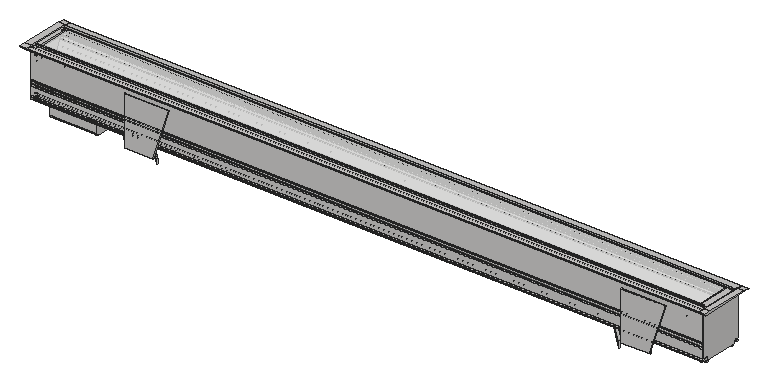
Revit family "CLighting-Luminii-Vesta_2-Recessed_Trimmed", category Lighting Fixtures, host Face, Revit 2020
Family settings
  Host = Face
  Round Connector Dimension = Use Diameter
  Part Type = Normal
  OmniClass Number = 23.80.70.11.14.21
  OmniClass Title = Spots and Tracklight Specialties
  Cut with Voids When Loaded = No
  Light Source = Yes
  Shared = Yes
  Room Calculation Point = No
Parameters (values of type "Vesta 2 - 4'")
  Width = 3.8189"  # constant formula
  Wattage Comments = "3.8 W"
  Wattage = 3.8 W
  Warranty URL = "https://www.luminii.com/terms-conditions/"
  built-in parameter 1150110 = 1 (stored number, unit not read)
  Voltage Comments = "120/277/347V"  # constant formula
  Voltage = 120 V
  Version = "2020 - v1.0a"  # constant formula
  URL = "https://www.luminii.com/"
  built-in parameter 1114217 = 1 (stored number, unit not read)
  Tilt Angle = -90.00°  # constant formula
  built-in parameter 1150109 = 1 (stored number, unit not read)
  built-in parameter 1150134 = (empty or 0)
  built-in parameter 1150113 = 1 (stored number, unit not read)
  Support Phone = "224-699-9545"  # constant formula
  Support Email = "mailto:support@bimsmith.com"
  Right Junction Box [instance] = not(Left Junction Box)  # no
  Right Cap [instance] = yes
  Product Page URL = "https://www.luminii.com/product/vesta-2/"
  Power Source Type = "Driver"  # constant formula
  Power Factor = 1
  Photometric Web File = "357-90-4-35-25-XX-04.ies"
  Phase = 1
  Operating Temperature = "Ceiling Mounted"  # constant formula
  Number of Poles = if(and(or(Voltage = 120 V, Voltage = 277 V), Phase = 1), 1, if(and(or(Voltage = 208 V, Voltage = 240 V), Phase = 1), 2, if(and(or(Voltage = 208 V, Voltage = 240 V), Phase = 3), 3, if(and(Voltage > 300 V, Phase = 1), 2, if(and(Voltage > 400 V, Phase = 3), 3, 1)))))  # 1
  Mounting Method = "Consult Manufacturer Website for more Information"  # constant formula
  Model = "357"  # constant formula
  Manufacturer Phone Number = "403-216-7043"  # constant formula
  Manufacturer Email = "mailto: info@sensolighting.com"
  Manufacturer Address = "302 50 Ave SE. Calgary, Alberta, T2G 2A9 Canada"  # constant formula
  Manufacturer = "Luminii"  # constant formula
  built-in parameter 1150105 = 51.407 (stored number, unit not read)
  Lumens = 646 lm
  Luminaire Type = "Recessed linear LED system"  # constant formula
  built-in parameter 1150115 = 1 (stored number, unit not read)
  Load Classification = Lighting
  built-in parameter 1150137 = (empty or 0)
  built-in parameter 1150139 = (empty or 0)
  Length = if(Constraints = 1, 24", if(Constraints = 2, 48", if(Constraints = 3, 60", if(Constraints = 4, 72", if(Constraints = 5, 96", if(Constraints = 6, 120", if(Constraints = 7, 144", 24")))))))  # 48"
  Left Junction Box [instance] = yes
  Left Cap [instance] = yes
  built-in parameter 1150112 = 1 (stored number, unit not read)
  built-in parameter 1150114 = 1 (stored number, unit not read)
  Lamp Life = 1
  Lamp = "N/A"  # constant formula
  Keynote = "26 50 00"
  built-in parameter 1150132 = (empty or 0)
  built-in parameter 1150102 = (empty or 0)
  built-in parameter 1150107 = 3500 (stored number, unit not read)
  built-in parameter 1150138 = (empty or 0)
  built-in parameter 1150106 = 0.51407 (stored number, unit not read)
  Housing Protection Rating = "Consult Manufacturer Website for more Information"  # constant formula
  Has Dimming = 1 = 1  # yes
  Has Battery Backup = 1 = 1  # yes
  Frequency Comments = ""  # constant formula
  Frequency = 60 Hz
  Finish = Metal - Luminii - Silver Anodized Aluminum
  Environment = "Indoor"  # constant formula
  Emit from Rectangle Width = 2 51/128"  # constant formula
  Emit from Rectangle Length = Length  # 48"
  Emit Shape Visible in Rendering = no
  built-in parameter 1150104 = 15.794 (stored number, unit not read)
  Dimming Type = "Consult Manufacturer Website for more Information"  # constant formula
  Dimming Lamp Color Temperature Shift = <None>
  Description = "Recessed flanged linear"  # constant formula
  Depth = 3.54331"  # constant formula
  Default Elevation = 0"  # constant formula
  Current Amps = 50 A
  Copyright = "©2023 Luminii"  # constant formula
  Control Zone = "Consult Manufacturer Website for more Information"  # constant formula
  Control Type = "Consult Manufacturer Website for more Information"  # constant formula
  Constraints = 2
  Color Filter = 16777215
  built-in parameter 1114216 [instance] = 0  # (empty or 0)
  built-in parameter 1140040 [instance] = 1 = 1  # 1
  C Void Width = 3.08819"  # constant formula
  C Right Cap Offset [instance] = if(Right Cap, 0.3752", 0")  # 0.3752"
  C Length Mid = Length / 2  # 24"
  C Left Cap Offset [instance] = if(Left Cap, 0.3752", 0")  # 0.3752"
  C End Cap Right [instance] = if(Right Cap, 0.04764", 0")  # 0.04764"
  C End Cap Left [instance] = if(Left Cap, 0.04764", 0")  # 0.04764"
  built-in parameter 1114218 = 1 (stored number, unit not read)
  built-in parameter 1150133 = 10 (stored number, unit not read)
  Assembly Code = "D5020230"
  Apparent Load = Wattage / Power Factor  # 3.8 VA
Types (6): name | Photometric Web File | Length | Emit from Rectangle Length | Constraints | C Length Mid
  Vesta 2 - 2' | "357-90-2-RGBW-00-00-00 (White channel only).ies" | 24" | 24" | 1 | 12"
  Vesta 2 - 4' | "357-90-4-35-25-XX-04.ies" | 48" | 48" | 2 | 24"
  Vesta 2 - 6' | "357-90-4-35-25-XX-06.ies" | 72" | 72" | 4 | 36"
  Vesta 2 - 8' | "357-90-4-35-25-XX-08.ies" | 96" | 96" | 5 | 48"
  Vesta 2 - 10' | "357-90-4-35-25-XX-10.ies" | 120" | 120" | 6 | 60"
  Vesta 2 - 12' | "357-90-4-35-25-XX-12.ies" | 144" | 144" | 7 | 72"
Reference planes (in)
  plane 1 "Center (Front/Back)": y = 0
  plane 2: z = 0
  plane 3 "Center (Left/Right)": x = 0
  plane 4: x = -24
  plane 5: x = 24
  plane 6: y = 1.54409
  plane 7: y = -1.54409
  plane 8 "A": z = 0
  plane 9: x = -24.04764
  plane 10: x = 24.04764
Forms (in)
  Extrusion 1, solid, material "Metal - Luminii - Silver Anodized Aluminum", not visible
    sketch origin (0, 0, 0) x (1, 0, 0) y (0, 1, 0)
      loop
        circle (0, 0) r 0.5
    from 0 to -0.17225
  Extrusion 2, void
    sketch origin (0, 0, 0) x (1, 0, 0) y (0, 1, 0)
      loop
        line (-24.04764, 1.54409) -> (-24.04764, -1.54409) -> (24.04764, -1.54409) -> (24.04764, 1.54409) -> (-24.04764, 1.54409)
    from -3.44094 to 0
Dimensions and locks (in)
  equal spacing: plane 4, plane 3 "Center (Left/Right)", plane 5
  equal spacing: plane 6, plane 1 "Center (Front/Back)", plane 7
  "C Void Width": plane 6 to plane 7
  "C End Cap Right": plane 5 to plane 10
  "C End Cap Left": plane 9 to plane 4
  "C Length Mid": plane 4 to plane 3 "Center (Left/Right)"
  "C Length Mid": plane 3 "Center (Left/Right)" to plane 5
  locked: imposter light to plane 2 at 0.08268
  locked: plane 2 to Extrusion 2 at 3.44094
  aligned and locked: host face to plane 2
  aligned and locked: plane 3 "Center (Left/Right)" to Extrusion 1 sketch curve
  aligned and locked: plane 1 "Center (Front/Back)" to Extrusion 1 sketch curve
  aligned and locked: plane 2 to Extrusion 1  (x2)
  aligned and locked: nested 1 to plane 4
  aligned and locked: plane 1 "Center (Front/Back)" to nested 1
  aligned and locked: imposter light to plane 1 "Center (Front/Back)"
  aligned and locked: plane 3 "Center (Left/Right)" to imposter light
  aligned and locked: Extrusion 2 sketch curve to plane 6
  aligned and locked: plane 2 to Extrusion 2
  aligned and locked: Extrusion 2 to plane 7
  aligned and locked: Extrusion 2 sketch curve to plane 9
  aligned and locked: Extrusion 2 sketch curve to plane 10
Automatic sketch dimensions
  host sketch curve to host sketch curve = 193.24349"
  host sketch curve to host sketch curve = 99"
  plane 7 to Extrusion 2 sketch curve = 0"
  radius of Extrusion 1 sketch curve = 1/2"
Nested families (in)
  nested 1: "Nested - Track" at (0, 0, 0), type "Nested - Track"
    with Length 48"
Connectors (in)
  electrical at (0, 0, 0), driven by "Number of Poles", driven by "Load Classification", driven by "Voltage", driven by "Apparent Load", driven by "Power Factor"
    settings: on Extrusion 1, index 1, voltage 120 V, apparent load 3.8 VA, apparent load phase1 0 VA, apparent load phase2 0 VA, apparent load phase3 0 VA, power factor 1, load classification "Lighting", number of poles 1, system type 30, power factor state 1, is connector primary yes, connector utility no, sub classification motor no, connector description "Power Connection"
Definition of nested family "Nested - Track"
  Parameters (values of type "Nested - Track")
    Slot Bracket Height Option 1 = no
    Slot Bracket Height = if(Slot Bracket Height Option 1, 1.60748", 1.42244")  # 1.42244"
    Right Junction Box = no
    Right Cap = yes
    Light = none
    Length = 46 1/2"
    Left Junction Box = yes
    Left Cap = yes
    Finish = none
    Default Elevation = 48"
  Reference planes (in)
    plane 1 "Center (Front/Back)": y = 0
    plane 2: z = 0
    plane 3 "Center (Left/Right)": x = 0
    plane 4: x = -23.25
    plane 5: x = 23.25
  Forms (in)
    Extrusion 1, solid
      sketch origin (0, 0, 0) x (1, 0, 0) y (0, 1, 0)
        loop
          line (-48, 48) -> (-48, -48) -> (48, -48) -> (48, 48) -> (-48, 48)
      from 0 to -12
    Sweep 2, solid, material <- "Finish", detail levels fine
      path origin (0, 0, 0) x (1, 0, 0) y (0, 1, 0)
        loop
          line (-23.25, 0) -> (23.25, 0)
      profile origin (0, 0, 0) x (0, 1, 0) y (0, 0, 1)
        loop
          line (1.39452, -0.17717) -> (1.43051, -0.21316)
          arc (1.43051, -0.21316) -> (1.44758, -0.2387) -> (1.45357, -0.26884) r 0.07874
          line (1.45357, -0.26884) -> (1.45357, -0.31491)
          arc (1.45357, -0.31491) -> (1.32562, -0.44286) -> (1.19767, -0.31491) r 0.12795
          line (1.19767, -0.31491) -> (1.19767, -0.26884)
          arc (1.19767, -0.26884) -> (1.20366, -0.2387) -> (1.22073, -0.21316) r 0.07874
          line (1.22073, -0.21316) -> (1.25672, -0.17717) -> (1.25672, 0.09843) -> (1.19767, 0.09843) -> (1.19767, 0.02362)
          arc (1.19767, 0.02362) -> (1.1919, 0.0097) -> (1.17798, 0.00394) r 0.01969
          line (1.17798, 0.00394) -> (1.10121, 0.00394) -> (1.05973, -0.03754) -> (1.07365, -0.09449) -> (1.14648, -0.09449)
          arc (1.14648, -0.09449) -> (1.1604, -0.10025) -> (1.16617, -0.11417) r 0.01969
          line (1.16617, -0.11417) -> (1.16617, -0.18957) -> (1.07115, -0.403) -> (1.12114, -0.45299)
          arc (1.12114, -0.45299) -> (1.20285, -0.52859) -> (1.09383, -0.55112) r 0.0626
          arc (1.09383, -0.55112) -> (1.03847, -0.54521) -> (1.03255, -0.60057) r 0.03937
          arc (1.03255, -0.60057) -> (1.05641, -0.62387) -> (1.08506, -0.64093) r 0.14134
          line (1.08506, -0.64093) -> (1.1289, -0.66045)
          arc (1.1289, -0.66045) -> (1.15399, -0.7258) -> (1.08864, -0.75088) r 0.04949
          line (1.08864, -0.75088) -> (0.96276, -0.69483)
          arc (0.96276, -0.69483) -> (0.9477, -0.69444) -> (0.93677, -0.70481) r 0.01969
          line (0.93677, -0.70481) -> (0.90794, -0.76955) -> (1.12371, -0.86561)
          arc (1.12371, -0.86561) -> (1.15546, -0.94831) -> (1.07276, -0.98006) r 0.06264
          line (1.07276, -0.98006) -> (0.85699, -0.88399) -> (0.80415, -1.00268) -> (0.87608, -1.03471) -> (0.92806, -1.01476) -> (1.03596, -1.0628)
          arc (1.03596, -1.0628) -> (1.17425, -1.05587) -> (1.25046, -0.94026) r 0.15319
          line (1.25046, -0.94026) -> (1.28422, -0.64513)
          arc (1.28422, -0.64513) -> (1.29713, -0.62023) -> (1.32334, -0.61024) r 0.03937
          line (1.32334, -0.61024) -> (1.4142, -0.61024)
          arc (1.4142, -0.61024) -> (1.44204, -0.62177) -> (1.45357, -0.64961) r 0.03937
          line (1.45357, -0.64961) -> (1.45357, -1.27503) -> (1.42601, -1.33521) -> (1.42601, -1.46007) -> (1.45357, -1.52024) -> (1.45357, -1.77165)
          arc (1.45357, -1.77165) -> (1.44204, -1.79949) -> (1.4142, -1.81102) r 0.03937
          line (1.4142, -1.81102) -> (1.32125, -1.81102)
          arc (1.32125, -1.81102) -> (1.29595, -1.80181) -> (1.28248, -1.77849) r 0.03937
          line (1.28248, -1.77849) -> (1.26253, -1.66535) -> (1.18379, -1.66535) -> (1.18379, -1.90157) -> (1.45357, -1.90157) -> (1.45357, -2.05848) -> (1.31184, -2.14031)
          arc (1.31184, -2.14031) -> (1.27149, -2.18066) -> (1.25672, -2.23577) r 0.11024
          line (1.25672, -2.23577) -> (1.25672, -2.4659)
          arc (1.25672, -2.4659) -> (1.30248, -2.55532) -> (1.40177, -2.5705) r 0.11024
          arc (1.40177, -2.5705) -> (1.43723, -2.57592) -> (1.45357, -2.60786) r 0.03937
          line (1.45357, -2.60786) -> (1.45357, -2.74016)
          arc (1.45357, -2.74016) -> (1.44204, -2.768) -> (1.4142, -2.77953) r 0.03937
          line (1.4142, -2.77953) -> (1.29609, -2.77953)
          arc (1.29609, -2.77953) -> (1.26624, -2.79323) -> (1.25717, -2.8248) r 0.03937
          arc (1.25717, -2.8248) -> (1.26624, -2.85637) -> (1.29609, -2.87008) r 0.03937
          line (1.29609, -2.87008) -> (1.4142, -2.87008)
          arc (1.4142, -2.87008) -> (1.44204, -2.88161) -> (1.45357, -2.90945) r 0.03937
          line (1.45357, -2.90945) -> (1.45357, -2.94882)
          arc (1.45357, -2.94882) -> (1.44203, -2.97667) -> (1.41416, -2.98819) r 0.03937
          line (1.41416, -2.98819) -> (0.35121, -2.98819)
          arc (0.35121, -2.98819) -> (0.33729, -2.99395) -> (0.33152, -3.00787) r 0.01969
          line (0.33152, -3.00787) -> (0.33152, -3.21654)
          arc (0.33152, -3.21654) -> (0.32576, -3.23046) -> (0.31184, -3.23622) r 0.01969
          line (0.31184, -3.23622) -> (0.25278, -3.23622)
          arc (0.25278, -3.23622) -> (0.23886, -3.23045) -> (0.2331, -3.21654) r 0.01969
          line (0.2331, -3.21654) -> (0.2331, -3.00787)
          arc (0.2331, -3.00787) -> (0.22733, -2.99395) -> (0.21341, -2.98819) r 0.01969
          line (0.21341, -2.98819) -> (0, -2.98819) -> (-0.21341, -2.98819)
          arc (-0.21341, -2.98819) -> (-0.22733, -2.99395) -> (-0.2331, -3.00787) r 0.01969
          line (-0.2331, -3.00787) -> (-0.2331, -3.21654)
          arc (-0.2331, -3.21654) -> (-0.23886, -3.23045) -> (-0.25278, -3.23622) r 0.01969
          line (-0.25278, -3.23622) -> (-0.31184, -3.23622)
          arc (-0.31184, -3.23622) -> (-0.32576, -3.23046) -> (-0.33152, -3.21654) r 0.01969
          line (-0.33152, -3.21654) -> (-0.33152, -3.00787)
          arc (-0.33152, -3.00787) -> (-0.33729, -2.99395) -> (-0.35121, -2.98819) r 0.01969
          line (-0.35121, -2.98819) -> (-1.41416, -2.98819)
          arc (-1.41416, -2.98819) -> (-1.44203, -2.97667) -> (-1.45357, -2.94882) r 0.03937
          line (-1.45357, -2.94882) -> (-1.45357, -2.90945)
          arc (-1.45357, -2.90945) -> (-1.44204, -2.88161) -> (-1.4142, -2.87008) r 0.03937
          line (-1.4142, -2.87008) -> (-1.29609, -2.87008)
          arc (-1.29609, -2.87008) -> (-1.26624, -2.85637) -> (-1.25717, -2.8248) r 0.03937
          arc (-1.25717, -2.8248) -> (-1.26624, -2.79323) -> (-1.29609, -2.77953) r 0.03937
          line (-1.29609, -2.77953) -> (-1.4142, -2.77953)
          arc (-1.4142, -2.77953) -> (-1.44204, -2.768) -> (-1.45357, -2.74016) r 0.03937
          line (-1.45357, -2.74016) -> (-1.45357, -2.60786)
          arc (-1.45357, -2.60786) -> (-1.43723, -2.57592) -> (-1.40177, -2.5705) r 0.03937
          arc (-1.40177, -2.5705) -> (-1.30248, -2.55532) -> (-1.25672, -2.4659) r 0.11024
          line (-1.25672, -2.4659) -> (-1.25672, -2.23577)
          arc (-1.25672, -2.23577) -> (-1.27149, -2.18066) -> (-1.31184, -2.14031) r 0.11024
          line (-1.31184, -2.14031) -> (-1.45357, -2.05848) -> (-1.45357, -1.90157) -> (-1.18379, -1.90157) -> (-1.18379, -1.66535) -> (-1.26253, -1.66535) -> (-1.28248, -1.77849)
          arc (-1.28248, -1.77849) -> (-1.29595, -1.80181) -> (-1.32125, -1.81102) r 0.03937
          line (-1.32125, -1.81102) -> (-1.4142, -1.81102)
          arc (-1.4142, -1.81102) -> (-1.44204, -1.79949) -> (-1.45357, -1.77165) r 0.03937
          line (-1.45357, -1.77165) -> (-1.45357, -1.52024) -> (-1.42601, -1.46007) -> (-1.42601, -1.33521) -> (-1.45357, -1.27503) -> (-1.45357, -0.64961)
          arc (-1.45357, -0.64961) -> (-1.44204, -0.62177) -> (-1.4142, -0.61024) r 0.03937
          line (-1.4142, -0.61024) -> (-1.32334, -0.61024)
          arc (-1.32334, -0.61024) -> (-1.29713, -0.62023) -> (-1.28422, -0.64513) r 0.03937
          line (-1.28422, -0.64513) -> (-1.25046, -0.94026)
          arc (-1.25046, -0.94026) -> (-1.17425, -1.05587) -> (-1.03596, -1.0628) r 0.15319
          line (-1.03596, -1.0628) -> (-0.92806, -1.01476) -> (-0.87608, -1.03471) -> (-0.80415, -1.00268) -> (-0.85699, -0.88399) -> (-1.07276, -0.98006)
          arc (-1.07276, -0.98006) -> (-1.15546, -0.94831) -> (-1.12371, -0.86561) r 0.06264
          line (-1.12371, -0.86561) -> (-0.90794, -0.76955) -> (-0.93677, -0.70481)
          arc (-0.93677, -0.70481) -> (-0.9477, -0.69444) -> (-0.96276, -0.69483) r 0.01969
          line (-0.96276, -0.69483) -> (-1.08864, -0.75088)
          arc (-1.08864, -0.75088) -> (-1.15399, -0.7258) -> (-1.1289, -0.66045) r 0.04949
          line (-1.1289, -0.66045) -> (-1.08506, -0.64093)
          arc (-1.08506, -0.64093) -> (-1.05641, -0.62387) -> (-1.03255, -0.60057) r 0.14134
          arc (-1.03255, -0.60057) -> (-1.03847, -0.54521) -> (-1.09383, -0.55112) r 0.03937
          arc (-1.09383, -0.55112) -> (-1.20285, -0.52859) -> (-1.12114, -0.45299) r 0.0626
          line (-1.12114, -0.45299) -> (-1.07115, -0.403) -> (-1.16617, -0.18957) -> (-1.16617, -0.11417)
          arc (-1.16617, -0.11417) -> (-1.1604, -0.10025) -> (-1.14648, -0.09449) r 0.01969
          line (-1.14648, -0.09449) -> (-1.07365, -0.09449) -> (-1.05973, -0.03754) -> (-1.10121, 0.00394) -> (-1.17798, 0.00394)
          arc (-1.17798, 0.00394) -> (-1.1919, 0.0097) -> (-1.19767, 0.02362) r 0.01969
          line (-1.19767, 0.02362) -> (-1.19767, 0.09843) -> (-1.25672, 0.09843) -> (-1.25672, -0.17717) -> (-1.22073, -0.21316)
          arc (-1.22073, -0.21316) -> (-1.20366, -0.2387) -> (-1.19767, -0.26884) r 0.07874
          line (-1.19767, -0.26884) -> (-1.19767, -0.31491)
          arc (-1.19767, -0.31491) -> (-1.32562, -0.44286) -> (-1.45357, -0.31491) r 0.12795
          line (-1.45357, -0.31491) -> (-1.45357, -0.26884)
          arc (-1.45357, -0.26884) -> (-1.44758, -0.2387) -> (-1.43051, -0.21316) r 0.07874
          line (-1.43051, -0.21316) -> (-1.39452, -0.17717) -> (-1.39452, 0.10359) -> (-1.92145, 0.05749) -> (-1.91642, 0) -> (-1.85582, 0) -> (-1.56552, 0.0254)
          arc (-1.56552, 0.0254) -> (-1.55051, 0.0203) -> (-1.54412, 0.00579) r 0.01969
          line (-1.54412, 0.00579) -> (-1.54412, -2.08803)
          arc (-1.54412, -2.08803) -> (-1.53885, -2.10771) -> (-1.52444, -2.12212) r 0.03937
          line (-1.52444, -2.12212) -> (-1.34727, -2.22441) -> (-1.34727, -2.28087)
          arc (-1.34727, -2.28087) -> (-1.35711, -2.29791) -> (-1.3768, -2.29791) r 0.01969
          line (-1.3768, -2.29791) -> (-1.48275, -2.23674)
          arc (-1.48275, -2.23674) -> (-1.5386, -2.25174) -> (-1.52366, -2.30761) r 0.04091
          line (-1.52366, -2.30761) -> (-1.34727, -2.40945) -> (-1.34727, -2.4659)
          arc (-1.34727, -2.4659) -> (-1.35711, -2.48295) -> (-1.3768, -2.48295) r 0.01969
          line (-1.3768, -2.48295) -> (-1.48507, -2.42044)
          arc (-1.48507, -2.42044) -> (-1.52444, -2.42044) -> (-1.54412, -2.45454) r 0.03937
          line (-1.54412, -2.45454) -> (-1.54412, -3.07874) -> (-1.26853, -3.07874)
          arc (-1.26853, -3.07874) -> (-1.20581, -3.14138) -> (-1.26853, -3.20402) r 0.06264
          line (-1.26853, -3.20402) -> (-1.54412, -3.20402) -> (-1.54412, -3.27488)
          arc (-1.54412, -3.27488) -> (-1.53836, -3.2888) -> (-1.52444, -3.29457) r 0.01969
          line (-1.52444, -3.29457) -> (-1.18192, -3.29457)
          arc (-1.18192, -3.29457) -> (-1.168, -3.30033) -> (-1.16223, -3.31425) r 0.01969
          line (-1.16223, -3.31425) -> (-1.16223, -3.4252)
          arc (-1.16223, -3.4252) -> (-1.15647, -3.43912) -> (-1.14255, -3.44488) r 0.01969
          line (-1.14255, -3.44488) -> (-1.10318, -3.44488)
          arc (-1.10318, -3.44488) -> (-1.08926, -3.43912) -> (-1.08349, -3.4252) r 0.01969
          line (-1.08349, -3.4252) -> (-1.08349, -3.23622)
          arc (-1.08349, -3.23622) -> (-1.07773, -3.2223) -> (-1.06381, -3.21654) r 0.01969
          line (-1.06381, -3.21654) -> (-1.0041, -3.21654) -> (-0.94718, -3.33858) -> (-0.87817, -3.33858)
          arc (-0.87817, -3.33858) -> (-0.86157, -3.32947) -> (-0.86033, -3.31058) r 0.01969
          line (-0.86033, -3.31058) -> (-0.95538, -3.10674)
          arc (-0.95538, -3.10674) -> (-0.95414, -3.08785) -> (-0.93754, -3.07874) r 0.01969
          line (-0.93754, -3.07874) -> (-0.42207, -3.07874) -> (-0.42207, -3.2874)
          arc (-0.42207, -3.2874) -> (-0.41054, -3.31524) -> (-0.3827, -3.32677) r 0.03937
          line (-0.3827, -3.32677) -> (0, -3.32677) -> (0.3827, -3.32677)
          arc (0.3827, -3.32677) -> (0.41054, -3.31524) -> (0.42207, -3.2874) r 0.03937
          line (0.42207, -3.2874) -> (0.42207, -3.07874) -> (0.93754, -3.07874)
          arc (0.93754, -3.07874) -> (0.95414, -3.08785) -> (0.95538, -3.10674) r 0.01969
          line (0.95538, -3.10674) -> (0.86033, -3.31058)
          arc (0.86033, -3.31058) -> (0.86157, -3.32947) -> (0.87817, -3.33858) r 0.01969
          line (0.87817, -3.33858) -> (0.94718, -3.33858) -> (1.0041, -3.21654) -> (1.06381, -3.21654)
          arc (1.06381, -3.21654) -> (1.07773, -3.2223) -> (1.08349, -3.23622) r 0.01969
          line (1.08349, -3.23622) -> (1.08349, -3.4252)
          arc (1.08349, -3.4252) -> (1.08926, -3.43912) -> (1.10318, -3.44488) r 0.01969
          line (1.10318, -3.44488) -> (1.14255, -3.44488)
          arc (1.14255, -3.44488) -> (1.15647, -3.43912) -> (1.16223, -3.4252) r 0.01969
          line (1.16223, -3.4252) -> (1.16223, -3.31425)
          arc (1.16223, -3.31425) -> (1.168, -3.30033) -> (1.18192, -3.29457) r 0.01969
          line (1.18192, -3.29457) -> (1.52444, -3.29457)
          arc (1.52444, -3.29457) -> (1.53836, -3.2888) -> (1.54412, -3.27488) r 0.01969
          line (1.54412, -3.27488) -> (1.54412, -3.20402) -> (1.26853, -3.20402)
          arc (1.26853, -3.20402) -> (1.20581, -3.14138) -> (1.26853, -3.07874) r 0.06264
          line (1.26853, -3.07874) -> (1.54412, -3.07874) -> (1.54412, -2.45454)
          arc (1.54412, -2.45454) -> (1.52444, -2.42044) -> (1.48507, -2.42044) r 0.03937
          line (1.48507, -2.42044) -> (1.3768, -2.48295)
          arc (1.3768, -2.48295) -> (1.35711, -2.48295) -> (1.34727, -2.4659) r 0.01969
          line (1.34727, -2.4659) -> (1.34727, -2.40945) -> (1.52366, -2.30761)
          arc (1.52366, -2.30761) -> (1.5386, -2.25174) -> (1.48275, -2.23674) r 0.04091
          line (1.48275, -2.23674) -> (1.3768, -2.29791)
          arc (1.3768, -2.29791) -> (1.35711, -2.29791) -> (1.34727, -2.28087) r 0.01969
          line (1.34727, -2.28087) -> (1.34727, -2.22441) -> (1.52444, -2.12212)
          arc (1.52444, -2.12212) -> (1.53885, -2.10771) -> (1.54412, -2.08803) r 0.03937
          line (1.54412, -2.08803) -> (1.54412, 0.00579)
          arc (1.54412, 0.00579) -> (1.55051, 0.0203) -> (1.56552, 0.0254) r 0.01969
          line (1.56552, 0.0254) -> (1.85582, 0) -> (1.91642, 0) -> (1.92145, 0.05749) -> (1.39452, 0.10359) -> (1.39452, -0.17717)
    Extrusion 3, solid, material <- "Light"
      sketch origin (0, 0, 0) x (0, 1, 0) y (0, 0, 1)
        loop
          arc (-1.14092, 0.08268) -> (-1.17039, 0.07115) -> (-1.18192, 0.04331) r 0.03937
          line (-1.18192, 0.04331) -> (-1.18192, 0.00394) -> (-1.04412, 0.00394) -> (-1.04412, -0.07172) -> (-1.08011, -0.10771)
          arc (-1.08011, -0.10771) -> (-1.10318, -0.16339) -> (-1.08011, -0.21906) r 0.07874
          line (-1.08011, -0.21906) -> (-1.03502, -0.26416)
          arc (-1.03502, -0.26416) -> (-0.99883, -0.26416) -> (-0.99883, -0.22797) r 0.02559
          line (-0.99883, -0.22797) -> (-1.06341, -0.16339) -> (-0.99294, -0.09292) -> (-0.99294, 0.00394) -> (0.99294, 0.00394) -> (0.99294, -0.09292) -> (1.06341, -0.16339) -> (0.99883, -0.22797)
          arc (0.99883, -0.22797) -> (0.99883, -0.26416) -> (1.03502, -0.26416) r 0.02559
          line (1.03502, -0.26416) -> (1.08011, -0.21906)
          arc (1.08011, -0.21906) -> (1.10318, -0.16339) -> (1.08011, -0.10771) r 0.07874
          line (1.08011, -0.10771) -> (1.04412, -0.07172) -> (1.04412, 0.00394) -> (1.18192, 0.00394) -> (1.18192, 0.04331)
          arc (1.18192, 0.04331) -> (1.17039, 0.07115) -> (1.14255, 0.08268) r 0.03937
          line (1.14255, 0.08268) -> (-1.14092, 0.08268)
      from -22.75 to 22.75
    Sweep 4, solid, material <- "Finish", detail levels coarse+medium
      path origin (0, 0, 0) x (1, 0, 0) y (0, 1, 0)
        loop
          line (-23.25, 0) -> (23.25, 0)
      profile origin (0, 0, 0) x (0, 1, 0) y (0, 0, 1)
        loop
          line (1.45357, -1.81102) -> (1.28822, -1.81102) -> (1.26253, -1.66535) -> (1.18379, -1.66535) -> (1.18379, -1.90157) -> (1.45357, -1.90157) -> (1.45357, -2.98819) -> (-0.02543, -2.98819) -> (-1.45357, -2.98819) -> (-1.45357, -1.90157) -> (-1.18379, -1.90157) -> (-1.18379, -1.66535) -> (-1.26253, -1.66535) -> (-1.28822, -1.81102) -> (-1.45357, -1.81102) -> (-1.45357, -0.64961)
          arc (-1.45357, -0.64961) -> (-1.44204, -0.62177) -> (-1.4142, -0.61024) r 0.03937
          line (-1.4142, -0.61024) -> (-1.32334, -0.61024)
          arc (-1.32334, -0.61024) -> (-1.29713, -0.62023) -> (-1.28422, -0.64513) r 0.03937
          line (-1.28422, -0.64513) -> (-1.25046, -0.94026)
          arc (-1.25046, -0.94026) -> (-1.17425, -1.05587) -> (-1.03596, -1.0628) r 0.15319
          line (-1.03596, -1.0628) -> (-0.92806, -1.01476) -> (-0.87608, -1.03471) -> (-0.80415, -1.00268) -> (-1.16617, -0.18957) -> (-1.16617, -0.11417)
          arc (-1.16617, -0.11417) -> (-1.1604, -0.10025) -> (-1.14648, -0.09449) r 0.01969
          line (-1.14648, -0.09449) -> (-1.07365, -0.09449) -> (-1.05973, -0.03754) -> (-1.10121, 0.00394) -> (-1.17798, 0.00394)
          arc (-1.17798, 0.00394) -> (-1.1919, 0.0097) -> (-1.19767, 0.02362) r 0.01969
          line (-1.19767, 0.02362) -> (-1.19767, 0.09843) -> (-1.45357, 0.09843) -> (-1.92145, 0.05749) -> (-1.91642, 0) -> (-1.54412, 0) -> (-1.54412, -3.29457) -> (-1.16223, -3.29457) -> (-1.16223, -3.44488) -> (-1.08349, -3.44488) -> (-1.08349, -3.07874) -> (-0.42207, -3.07874) -> (-0.42207, -3.32677) -> (0, -3.32677) -> (0.42207, -3.32677) -> (0.42207, -3.07874) -> (1.08349, -3.07874) -> (1.08349, -3.44488) -> (1.16223, -3.44488) -> (1.16223, -3.29457) -> (1.54412, -3.29457) -> (1.54412, 0) -> (1.91642, 0) -> (1.92145, 0.05749) -> (1.45357, 0.09843) -> (1.19767, 0.09843) -> (1.19767, 0.02362)
          arc (1.19767, 0.02362) -> (1.1919, 0.0097) -> (1.17798, 0.00394) r 0.01969
          line (1.17798, 0.00394) -> (1.10121, 0.00394) -> (1.05973, -0.03754) -> (1.07365, -0.09449) -> (1.14648, -0.09449)
          arc (1.14648, -0.09449) -> (1.1604, -0.10025) -> (1.16617, -0.11417) r 0.01969
          line (1.16617, -0.11417) -> (1.16617, -0.18957) -> (0.80415, -1.00268) -> (0.87608, -1.03471) -> (0.92806, -1.01476) -> (1.03596, -1.0628)
          arc (1.03596, -1.0628) -> (1.17425, -1.05587) -> (1.25046, -0.94026) r 0.15319
          line (1.25046, -0.94026) -> (1.28422, -0.64513)
          arc (1.28422, -0.64513) -> (1.29713, -0.62023) -> (1.32334, -0.61024) r 0.03937
          line (1.32334, -0.61024) -> (1.4142, -0.61024)
          arc (1.4142, -0.61024) -> (1.44204, -0.62177) -> (1.45357, -0.64961) r 0.03937
          line (1.45357, -0.64961) -> (1.45357, -1.81102)
    Extrusion 5, solid, material <- "Finish"
      sketch origin (0, 0, -0.06018) x (0, 1, 0) y (0, 0, 1)
        loop
          line (1.04821, -0.31522) -> (0.56, -1.41176) -> (-0.56, -1.41176) -> (-1.04821, -0.31522) -> (-1.07734, -0.32819) -> (-0.58121, -1.44252) -> (0.58121, -1.44252) -> (1.07734, -0.32819) -> (1.04821, -0.31522)
      from -23.25 to 23.25
  Lines and regions (in)
    reference lines
      curve 1: line (17, 0, -9.15777) -> (17, 0, 2.09223)
      curve 2: line (-17, 0, -9.15777) -> (-17, 0, 2.09223)
      curve 3: line (0, 3.26533, -1.42244) -> (0, -3.37026, -1.42244)
  Dimensions and locks (in)
    equal spacing: plane 4, plane 3 "Center (Left/Right)", plane 5
    "Length": plane 4 to plane 5
    locked: plane 5 to curve 1 at 6.25
    locked: curve 2 to plane 4 at 6.25
    locked: nested 4 to plane 4 at 0.79528
    locked: plane 5 to nested 3 at 0.79528
    "Slot Bracket Height": plane 2 to curve 3
    locked: plane 4 to Extrusion 3 at 0.5
    locked: Extrusion 3 to plane 5 at 0.5
    aligned and locked: plane 2 to Extrusion 1
    aligned and locked: level to Extrusion 1
    aligned and locked: plane 4 to Sweep 2 sketch curve
    aligned and locked: plane 1 "Center (Front/Back)" to Sweep 2 sketch curve
    aligned and locked: plane 5 to Sweep 2 sketch curve
    aligned and locked: plane 4 to Sweep 4 sketch curve
    aligned and locked: plane 5 to Sweep 4 sketch curve
    aligned and locked: plane 1 "Center (Front/Back)" to Sweep 4 sketch curve
    aligned and locked: plane 1 "Center (Front/Back)" to nested 1
    aligned and locked: nested 2 to plane 1 "Center (Front/Back)"
    aligned and locked: plane 4 to nested 2
    aligned and locked: plane 5 to nested 1
    aligned and locked: plane 1 "Center (Front/Back)" to nested 3
    aligned and locked: Extrusion 5 to plane 4
    aligned and locked: plane 5 to Extrusion 5
    aligned and locked: curve 1 to nested 6
    aligned and locked: nested 5 to curve 2
  Automatic sketch dimensions
    Extrusion 1 sketch curve to Extrusion 1 sketch curve = 96"  (x2)
    level to Extrusion 3 sketch curve = 0.00394"  (x2)
    plane 1 "Center (Front/Back)" to Extrusion 3 sketch curve = 1.18192"
    Extrusion 3 sketch curve to Extrusion 3 sketch curve = 0.03937"  (x4)
    Extrusion 3 sketch curve to level = 0.21906"  (x2)
    Extrusion 3 sketch curve to Extrusion 3 sketch curve = 0.1018"
    Extrusion 3 sketch curve to level = 0.10771"  (x2)
    Extrusion 3 sketch curve to Extrusion 3 sketch curve = 0"  (x6)
    Extrusion 3 sketch curve to level = 0.16339"  (x2)
    Extrusion 3 sketch curve to Extrusion 3 sketch curve = 0.0167"  (x2)
    Extrusion 3 sketch curve to level = 0.07172"  (x2)
    Extrusion 3 sketch curve to Extrusion 3 sketch curve = 0.03599"  (x2)
    Extrusion 3 sketch curve to Extrusion 3 sketch curve = 0.04509"
    Extrusion 3 sketch curve to Extrusion 3 sketch curve = 0.03897"  (x2)
    Extrusion 3 sketch curve to Extrusion 3 sketch curve = 0.0181"  (x6)
    Extrusion 3 sketch curve to level = 0.22797"  (x2)
    Extrusion 3 sketch curve to Extrusion 3 sketch curve = 0.05118"  (x2)
    Extrusion 3 sketch curve to plane 1 "Center (Front/Back)" = 0.99294"
    Extrusion 3 sketch curve to Extrusion 3 sketch curve = 0.00589"
    Extrusion 3 sketch curve to Extrusion 3 sketch curve = 0.02561"
    Extrusion 3 sketch curve to Extrusion 3 sketch curve = 0.09843"
    Extrusion 3 sketch curve to Extrusion 3 sketch curve = 0.00163"
    Extrusion 5 sketch curve to level = 0.38837"  (x2)
    plane 1 "Center (Front/Back)" to Extrusion 5 sketch curve = 1.07734"
    Extrusion 5 sketch curve to level = 0.3754"  (x2)
    Extrusion 5 sketch curve to Extrusion 5 sketch curve = 0.02913"  (x2)
    Extrusion 5 sketch curve to plane 1 "Center (Front/Back)" = 0.56"
    Extrusion 5 sketch curve to Extrusion 5 sketch curve = 0.02121"  (x2)
    Extrusion 5 sketch curve to Extrusion 5 sketch curve = 0.49613"
    curve 2 to level = 9.15777"
    curve 1 to level = 9.15777"
    level to curve 2 = 2.09223"
    level to curve 1 = 2.09223"
    Sweep 2 sketch curve to Sweep 2 sketch curve = 0"  (x68)
    profile plane to Sweep 2 sketch curve = 1.92145"
    Sweep 2 sketch curve to Sweep 2 sketch curve = 0.00503"  (x2)
    Sweep 2 sketch curve to Sweep 2 sketch curve = 0.06059"  (x2)
    Sweep 2 sketch curve to Sweep 2 sketch curve = 0.2903"  (x2)
    Sweep 2 sketch curve to Sweep 2 sketch curve = 0.00172"  (x2)
    Sweep 2 sketch curve to Sweep 2 sketch curve = 0.01969"  (x35)
    Sweep 2 sketch curve to level = 3.07874"
    Sweep 2 sketch curve to Sweep 2 sketch curve = 0.02046"
    Sweep 2 sketch curve to Sweep 2 sketch curve = 0.03937"  (x25)
    Sweep 2 sketch curve to Sweep 2 sketch curve = 0.0205"  (x2)
    Sweep 2 sketch curve to level = 2.42044"  (x2)
    Sweep 2 sketch curve to level = 2.23674"  (x2)
    Sweep 2 sketch curve to Sweep 2 sketch curve = 0.02042"  (x2)
    Sweep 2 sketch curve to Sweep 2 sketch curve = 0.05118"  (x4)
    Sweep 2 sketch curve to Sweep 2 sketch curve = 0.09055"  (x13)
    Sweep 2 sketch curve to Sweep 2 sketch curve = 0.02306"
    Sweep 2 sketch curve to Sweep 2 sketch curve = 0.02756"  (x5)
    Sweep 2 sketch curve to Sweep 2 sketch curve = 0.00004"  (x2)
    Sweep 2 sketch curve to Sweep 2 sketch curve = 0.14961"  (x2)
    Sweep 2 sketch curve to Sweep 2 sketch curve = 0.10827"  (x2)
    Sweep 2 sketch curve to Sweep 2 sketch curve = 0.10595"
    Sweep 2 sketch curve to Sweep 2 sketch curve = 0.07874"  (x5)
    Sweep 2 sketch curve to Sweep 2 sketch curve = 0.00984"  (x4)
    Sweep 2 sketch curve to level = 2.28087"  (x2)
    Sweep 2 sketch curve to Sweep 2 sketch curve = 0.04921"  (x4)
    Sweep 2 sketch curve to Sweep 2 sketch curve = 0.09086"  (x2)
    Sweep 2 sketch curve to Sweep 2 sketch curve = 0.09295"  (x2)
    Sweep 2 sketch curve to Sweep 2 sketch curve = 0.03543"
    Sweep 2 sketch curve to Sweep 2 sketch curve = 0.11811"  (x2)
    Sweep 2 sketch curve to Sweep 2 sketch curve = 0.03911"  (x2)
    Sweep 2 sketch curve to Sweep 2 sketch curve = 0.03877"  (x2)
    Sweep 2 sketch curve to Sweep 2 sketch curve = 0.14563"
    Sweep 2 sketch curve to Sweep 2 sketch curve = 0.00008"  (x3)
    Sweep 2 sketch curve to Sweep 2 sketch curve = 0.01995"  (x4)
    Sweep 2 sketch curve to Sweep 2 sketch curve = 0.03376"
    Sweep 2 sketch curve to Sweep 2 sketch curve = 0.03599"  (x6)
    Sweep 2 sketch curve to Sweep 2 sketch curve = 0.05906"  (x4)
    Sweep 2 sketch curve to Sweep 2 sketch curve = 0.08661"  (x3)
    Sweep 2 sketch curve to Sweep 2 sketch curve = 0.14168"
    Sweep 2 sketch curve to Sweep 2 sketch curve = 0.01364"
    Sweep 2 sketch curve to Sweep 2 sketch curve = 0.12675"  (x2)
    Sweep 2 sketch curve to Sweep 2 sketch curve = 0.02141"  (x2)
    Sweep 2 sketch curve to Sweep 2 sketch curve = 0.02013"  (x3)
    Sweep 2 sketch curve to Sweep 2 sketch curve = 0.07677"  (x2)
    Sweep 2 sketch curve to Sweep 2 sketch curve = 0.02544"  (x2)
    Sweep 2 sketch curve to Sweep 2 sketch curve = 0.00003"  (x2)
    Sweep 2 sketch curve to Sweep 2 sketch curve = 0.04384"  (x2)
    Sweep 2 sketch curve to Sweep 2 sketch curve = 0.07283"  (x2)
    Sweep 2 sketch curve to Sweep 2 sketch curve = 0.02548"  (x2)
    Sweep 2 sketch curve to Sweep 2 sketch curve = 0.04999"  (x4)
    Sweep 2 sketch curve to Sweep 2 sketch curve = 0.02187"  (x2)
    Sweep 2 sketch curve to Sweep 2 sketch curve = 0.01392"  (x2)
    Sweep 2 sketch curve to Sweep 2 sketch curve = 0.0368"  (x2)
    Sweep 2 sketch curve to Sweep 2 sketch curve = 0.05971"  (x2)
    Sweep 2 sketch curve to Sweep 2 sketch curve = 0.1223"
    Sweep 2 sketch curve to level = 3.10674"  (x2)
    Sweep 2 sketch curve to Sweep 2 sketch curve = 0.04872"  (x2)
    Sweep 2 sketch curve to Sweep 2 sketch curve = 0.00801"  (x4)
    Sweep 2 sketch curve to Sweep 2 sketch curve = 0.05691"
    Sweep 2 sketch curve to Sweep 2 sketch curve = 0.01784"  (x4)
    Sweep 2 sketch curve to Sweep 2 sketch curve = 0.01798"  (x2)
    Sweep 2 sketch curve to Sweep 2 sketch curve = 0.1079"  (x2)
    Sweep 2 sketch curve to Sweep 2 sketch curve = 0.02882"  (x2)
    Sweep 2 sketch curve to Sweep 2 sketch curve = 0.06901"  (x2)
    Sweep 2 sketch curve to Sweep 2 sketch curve = 0.05198"  (x2)
    Sweep 2 sketch curve to level = 3.31058"  (x2)
    Sweep 2 sketch curve to Sweep 2 sketch curve = 0.05095"  (x2)
    Sweep 2 sketch curve to Sweep 2 sketch curve = 0.07193"  (x2)
    Sweep 2 sketch curve to Sweep 2 sketch curve = 0.43826"  (x2)
    Sweep 2 sketch curve to Sweep 2 sketch curve = 0.07087"  (x7)
    Sweep 2 sketch curve to Sweep 2 sketch curve = 0.21341"  (x2)
    Sweep 2 sketch curve to Sweep 2 sketch curve = 0.2331"
    Sweep 2 sketch curve to Sweep 2 sketch curve = 0.01968"  (x2)
    Sweep 2 sketch curve to Sweep 2 sketch curve = 0.09843"  (x2)
    Sweep 2 sketch curve to Sweep 2 sketch curve = 1.60829"
    Sweep 2 sketch curve to Sweep 2 sketch curve = 0.05284"
    Sweep 2 sketch curve to Sweep 2 sketch curve = 0.07721"
    Sweep 2 sketch curve to level = 3.33858"
    Sweep 2 sketch curve to Sweep 2 sketch curve = 0.09697"
    Sweep 2 sketch curve to Sweep 2 sketch curve = 0.10043"
    Sweep 2 sketch curve to Sweep 2 sketch curve = 0.00795"
    Sweep 2 sketch curve to Sweep 2 sketch curve = 0.13631"
    Sweep 2 sketch curve to Sweep 2 sketch curve = 0.00358"
    Sweep 2 sketch curve to Sweep 2 sketch curve = 0.04148"  (x2)
    Sweep 2 sketch curve to Sweep 2 sketch curve = 0.14783"
    Sweep 2 sketch curve to Sweep 2 sketch curve = 0.0315"
    Sweep 2 sketch curve to level = 0.21316"
    Sweep 2 sketch curve to Sweep 2 sketch curve = 0.05456"
    Sweep 2 sketch curve to level = 0.94026"
    Sweep 2 sketch curve to Sweep 2 sketch curve = 0.07293"
    Sweep 2 sketch curve to Sweep 2 sketch curve = 0.08653"
    Sweep 2 sketch curve to level = 1.77849"
    Sweep 2 sketch curve to Sweep 2 sketch curve = 0.15532"
    Sweep 2 sketch curve to level = 2.14031"
    Sweep 2 sketch curve to Sweep 2 sketch curve = 0.05512"
    Sweep 2 sketch curve to level = 2.22441"
    Sweep 2 sketch curve to level = 2.40945"
    Sweep 2 sketch curve to level = 2.29791"
    Sweep 2 sketch curve to level = 2.48295"
    Sweep 2 sketch curve to Sweep 2 sketch curve = 0.11807"
    Sweep 2 sketch curve to Sweep 2 sketch curve = 0.0374"
    Sweep 2 sketch curve to Sweep 2 sketch curve = 0.16348"
    Sweep 2 sketch curve to level = 1.90157"
    Sweep 2 sketch curve to level = 0.64961"
    Sweep 2 sketch curve to level = 2.60786"
    Sweep 2 sketch curve to level = 2.74016"
    Sweep 2 sketch curve to level = 2.05848"
    Sweep 2 sketch curve to Sweep 2 sketch curve = 0.11579"
    Sweep 2 sketch curve to level = 2.30761"
    Sweep 2 sketch curve to Sweep 2 sketch curve = 0.25591"
    Sweep 2 sketch curve to level = 2.12212"
    Sweep 2 sketch curve to level = 2.45454"
    level to Sweep 2 sketch curve = 0.05749"
    Sweep 2 sketch curve to Sweep 2 sketch curve = 0.028"
    Sweep 2 sketch curve to Sweep 2 sketch curve = 0.01619"
    Sweep 2 sketch curve to Sweep 2 sketch curve = 0.11095"  (x2)
    Sweep 2 sketch curve to Sweep 2 sketch curve = 0.21583"
    Sweep 2 sketch curve to Sweep 2 sketch curve = 0.07803"  (x2)
    Sweep 2 sketch curve to Sweep 2 sketch curve = 0.06264"  (x2)
    Sweep 2 sketch curve to Sweep 2 sketch curve = 0.00832"  (x2)
    Sweep 2 sketch curve to Sweep 2 sketch curve = 0.12528"
    Sweep 2 sketch curve to Sweep 2 sketch curve = 0.01181"  (x2)
    Sweep 2 sketch curve to Sweep 2 sketch curve = 0.1323"
    Sweep 2 sketch curve to Sweep 2 sketch curve = 0.05646"
    Sweep 2 sketch curve to Sweep 2 sketch curve = 0.01705"
    Sweep 2 sketch curve to Sweep 2 sketch curve = 0.04509"
    Sweep 2 sketch curve to Sweep 2 sketch curve = 0.01137"
    Sweep 2 sketch curve to Sweep 2 sketch curve = 0.11462"
    Sweep 2 sketch curve to Sweep 2 sketch curve = 0.02955"
    Sweep 2 sketch curve to Sweep 2 sketch curve = 0.23873"
    Sweep 2 sketch curve to Sweep 2 sketch curve = 0.12308"
    Sweep 2 sketch curve to Sweep 2 sketch curve = 0.1569"
    Sweep 2 sketch curve to Sweep 2 sketch curve = 0.03253"
    Sweep 2 sketch curve to Sweep 2 sketch curve = 0.11314"  (x2)
    Sweep 2 sketch curve to Sweep 2 sketch curve = 0.14511"  (x2)
    Sweep 2 sketch curve to Sweep 2 sketch curve = 0.06017"  (x4)
    Sweep 2 sketch curve to Sweep 2 sketch curve = 0.12487"  (x2)
    Sweep 2 sketch curve to Sweep 2 sketch curve = 0.21223"
    Sweep 2 sketch curve to Sweep 2 sketch curve = 0.12253"
    Sweep 2 sketch curve to Sweep 2 sketch curve = 0.02809"  (x2)
    Sweep 2 sketch curve to Sweep 2 sketch curve = 0.03203"  (x2)
    Sweep 2 sketch curve to Sweep 2 sketch curve = 0.05721"
    Sweep 2 sketch curve to Sweep 2 sketch curve = 0.08274"
    Sweep 2 sketch curve to Sweep 2 sketch curve = 0.0398"
    Sweep 2 sketch curve to Sweep 2 sketch curve = 0.11869"  (x2)
    Sweep 2 sketch curve to Sweep 2 sketch curve = 0.11444"  (x2)
    Sweep 2 sketch curve to Sweep 2 sketch curve = 0.11473"  (x2)
    Sweep 2 sketch curve to Sweep 2 sketch curve = 0.05673"  (x2)
    Sweep 2 sketch curve to Sweep 2 sketch curve = 0.04521"  (x2)
    Sweep 2 sketch curve to Sweep 2 sketch curve = 0.01084"
    Sweep 2 sketch curve to Sweep 2 sketch curve = 0.00447"  (x2)
    Sweep 2 sketch curve to Sweep 2 sketch curve = 5/256"  (x2)
    Sweep 2 sketch curve to Sweep 2 sketch curve = 0.06509"  (x2)
    Sweep 2 sketch curve to Sweep 2 sketch curve = 0.06403"  (x2)
    Sweep 2 sketch curve to Sweep 2 sketch curve = 0.05882"  (x2)
    Sweep 2 sketch curve to Sweep 2 sketch curve = 0.08809"
    Sweep 2 sketch curve to Sweep 2 sketch curve = 0.04607"  (x7)
    Sweep 2 sketch curve to Sweep 2 sketch curve = 0.02359"  (x2)
    Sweep 2 sketch curve to Sweep 2 sketch curve = 0.07539"  (x2)
    Sweep 2 sketch curve to Sweep 2 sketch curve = 0.05695"  (x2)
    Sweep 2 sketch curve to Sweep 2 sketch curve = 0.21316"
    Sweep 2 sketch curve to Sweep 2 sketch curve = 0.05749"  (x2)
    Sweep 2 sketch curve to Sweep 2 sketch curve = 0.0978"
    Sweep 2 sketch curve to Sweep 2 sketch curve = 0.18295"
    Sweep 2 sketch curve to Sweep 2 sketch curve = 0.0748"  (x2)
    Sweep 2 sketch curve to Sweep 2 sketch curve = 0.01243"  (x2)
    profile plane to Sweep 4 sketch curve = 1.92145"
    Sweep 4 sketch curve to Sweep 4 sketch curve = 0.00503"  (x2)
    Sweep 4 sketch curve to Sweep 4 sketch curve = 0.37229"  (x2)
    profile plane to Sweep 4 sketch curve = 1.54412"
    Sweep 4 sketch curve to Sweep 4 sketch curve = 0.09055"  (x11)
    Sweep 4 sketch curve to Sweep 4 sketch curve = 0"  (x15)
    Sweep 4 sketch curve to Sweep 4 sketch curve = 0.03937"  (x2)
    Sweep 4 sketch curve to Sweep 4 sketch curve = 0.09086"  (x2)
    Sweep 4 sketch curve to Sweep 4 sketch curve = 0.16535"  (x2)
    Sweep 4 sketch curve to Sweep 4 sketch curve = 0.03911"  (x2)
    Sweep 4 sketch curve to Sweep 4 sketch curve = 0.02569"
    Sweep 4 sketch curve to Sweep 4 sketch curve = 0.03376"  (x2)
    Sweep 4 sketch curve to Sweep 4 sketch curve = 0.25591"  (x2)
    Sweep 4 sketch curve to Sweep 4 sketch curve = 0.10443"  (x2)
    Sweep 4 sketch curve to Sweep 4 sketch curve = 0.01969"  (x4)
    Sweep 4 sketch curve to Sweep 4 sketch curve = 0.01181"
    Sweep 4 sketch curve to Sweep 4 sketch curve = 0.38189"
    Sweep 4 sketch curve to Sweep 4 sketch curve = 0.07677"  (x2)
    Sweep 4 sketch curve to Sweep 4 sketch curve = 0.1522"  (x2)
    Sweep 4 sketch curve to Sweep 4 sketch curve = 0.07874"  (x3)
    Sweep 4 sketch curve to Sweep 4 sketch curve = 0.07283"  (x2)
    Sweep 4 sketch curve to Sweep 4 sketch curve = 0.01392"  (x2)
    Sweep 4 sketch curve to Sweep 4 sketch curve = 0.06231"  (x2)
    Sweep 4 sketch curve to Sweep 4 sketch curve = 0.1079"  (x2)
    Sweep 4 sketch curve to Sweep 4 sketch curve = 0.05198"  (x2)
    Sweep 4 sketch curve to Sweep 4 sketch curve = 0.07193"  (x2)
    Sweep 4 sketch curve to Sweep 4 sketch curve = 0.66142"  (x2)
    Sweep 4 sketch curve to Sweep 4 sketch curve = 0.39665"
    Sweep 4 sketch curve to Sweep 4 sketch curve = 0.02543"
    Sweep 4 sketch curve to Sweep 4 sketch curve = 0.4475"
    Sweep 4 sketch curve to Sweep 4 sketch curve = 1.60829"
    Sweep 4 sketch curve to Sweep 4 sketch curve = 0.13167"
    Sweep 4 sketch curve to Sweep 4 sketch curve = 0.04148"  (x3)
    Sweep 4 sketch curve to Sweep 4 sketch curve = 0.14783"
    Sweep 4 sketch curve to Sweep 4 sketch curve = 0.37008"
    level to Sweep 4 sketch curve = 0.05749"
    Sweep 4 sketch curve to Sweep 4 sketch curve = 0.03387"  (x2)
    Sweep 4 sketch curve to Sweep 4 sketch curve = 0.02362"  (x2)
    Sweep 4 sketch curve to Sweep 4 sketch curve = 0.05695"  (x2)
    Sweep 4 sketch curve to Sweep 4 sketch curve = 0.0754"  (x2)
    Sweep 4 sketch curve to Sweep 4 sketch curve = 0.42067"  (x2)
    Sweep 4 sketch curve to Sweep 4 sketch curve = 0.0349"  (x2)
    Sweep 4 sketch curve to Sweep 4 sketch curve = 0.27772"  (x2)
    Sweep 4 sketch curve to Sweep 4 sketch curve = 0.01741"  (x2)
    Sweep 4 sketch curve to Sweep 4 sketch curve = 0.06011"  (x2)
    Sweep 4 sketch curve to Sweep 4 sketch curve = 0.04804"  (x2)
    Sweep 4 sketch curve to Sweep 4 sketch curve = 0.01995"  (x2)
    Sweep 4 sketch curve to Sweep 4 sketch curve = 0.60256"  (x2)
    Sweep 4 sketch curve to Sweep 4 sketch curve = 0.14567"  (x2)
    Sweep 4 sketch curve to Sweep 4 sketch curve = 1.08661"  (x2)
    Sweep 4 sketch curve to Sweep 4 sketch curve = 0.30638"  (x2)
    Sweep 4 sketch curve to Sweep 4 sketch curve = 0.21583"  (x2)
    Sweep 4 sketch curve to Sweep 4 sketch curve = 0.33858"
    Sweep 4 sketch curve to Sweep 4 sketch curve = 0.15031"  (x2)
    plane 1 "Center (Front/Back)" to curve 3 = 3.37026"
    curve 3 to plane 1 "Center (Front/Back)" = 3.26533"
  Nested families (in)
    nested 1: "Nested - Ends" at (23.25, 0, 0), visible <- "Right Cap", type "Default"
    nested 2: "Nested - Ends" at (-23.25, 0, 0) x (-1, 0, 0) z (0, 0, 1), visible <- "Left Cap", type "Default"
    nested 3: "Nested - JB" at (22.45472, 0, -4.52024), visible <- "Right Junction Box", type "Default", detail levels fine
    nested 4: "Nested - JB" at (-22.45472, 0, -4.52024) x (-1, 0, 0) z (0, 0, 1), visible <- "Left Junction Box", type "Default", detail levels fine
    nested 5: "Nested - Clips" at (-17, 0, -4.05945), type "Default", detail levels fine
    nested 6: "Nested - Clips" at (17, 0, -4.05945) x (-1, 0, 0) z (0, 0, 1), type "Default", detail levels fine
  Definition of nested family "Nested - Ends"
    Parameters (values of type "Default")
      Right Cap = yes
      Finish = none
      Default Elevation = 0"
    Reference planes (in)
      plane 1 "Center (Front/Back)": y = 0
      plane 2: z = 0
      plane 3 "Center (Left/Right)": x = 0
    Forms (in)
      Sweep 1, solid, material <- "Finish", visible <- "Right Cap"
        path origin (4.75, 0, 0) x (1, 0, 0) y (0, 1, 0)
          loop
            line (-4.75, 0) -> (-4.70236, 0)
        profile origin (0.02382, 0, 0) x (0, 1, 0) y (0, 0, 1)
          loop
            line (-1.51493, -0.03937) -> (-1.51493, -3.01181)
            arc (-1.51493, -3.01181) -> (-1.5034, -3.03965) -> (-1.47556, -3.05118) r 0.03937
            line (-1.47556, -3.05118) -> (-1.23934, -3.05118)
            arc (-1.23934, -3.05118) -> (-1.2115, -3.06271) -> (-1.19997, -3.09055) r 0.03937
            line (-1.19997, -3.09055) -> (-1.19997, -3.26772)
            arc (-1.19997, -3.26772) -> (-1.18844, -3.29556) -> (-1.1606, -3.30709) r 0.03937
            line (-1.1606, -3.30709) -> (1.16223, -3.30709)
            arc (1.16223, -3.30709) -> (1.19007, -3.29556) -> (1.2016, -3.26772) r 0.03937
            line (1.2016, -3.26772) -> (1.2016, -3.09055)
            arc (1.2016, -3.09055) -> (1.21313, -3.06271) -> (1.24097, -3.05118) r 0.03937
            line (1.24097, -3.05118) -> (1.47719, -3.05118)
            arc (1.47719, -3.05118) -> (1.50503, -3.03965) -> (1.51656, -3.01181) r 0.03937
            line (1.51656, -3.01181) -> (1.51656, -0.03937)
            arc (1.51656, -0.03937) -> (1.50503, -0.01153) -> (1.47719, 0) r 0.03937
            line (1.47719, 0) -> (1.12342, 0)
            arc (1.12342, 0) -> (1.10836, -0.003) -> (1.09558, -0.01153) r 0.03937
            line (1.09558, -0.01153) -> (1.03597, -0.07115)
            arc (1.03597, -0.07115) -> (1.02743, -0.08392) -> (1.02444, -0.09898) r 0.03937
            line (1.02444, -0.09898) -> (1.02444, -0.37402)
            arc (1.02444, -0.37402) -> (0.98922, -0.41317) -> (0.94657, -0.38228) r 0.03937
            line (0.94657, -0.38228) -> (-0.94494, -0.38228)
            arc (-0.94494, -0.38228) -> (-0.98759, -0.41317) -> (-1.02281, -0.37402) r 0.03937
            line (-1.02281, -0.37402) -> (-1.02281, -0.09898)
            arc (-1.02281, -0.09898) -> (-1.0258, -0.08392) -> (-1.03434, -0.07115) r 0.03937
            line (-1.03434, -0.07115) -> (-1.09395, -0.01153)
            arc (-1.09395, -0.01153) -> (-1.10673, -0.003) -> (-1.12179, 0) r 0.03937
            line (-1.12179, 0) -> (-1.47556, 0)
            arc (-1.47556, 0) -> (-1.5034, -0.01153) -> (-1.51493, -0.03937) r 0.03937
      Extrusion 2, solid, material <- "Finish", visible <- "Right Cap"
        sketch origin (-23.25, 0, 0) x (0, 1, 0) y (0, 0, -1)
          loop
            line (1.49857, -0.09449) -> (1.92145, -0.05749) -> (1.91642, 0) -> (-1.91642, 0) -> (-1.92145, -0.05749) -> (-1.49857, -0.09449) -> (1.49857, -0.09449)
        from -23.72244 to -23.25
      Extrusion 3, solid, material <- "Finish", visible <- "Right Cap"
        sketch origin (-23.25, 0, 0) x (0, 1, 0) y (0, 0, -1)
          loop
            line (1.16223, -0.09449) -> (1.16223, 0) -> (-1.1606, 0) -> (-1.1606, -0.09449) -> (1.16223, -0.09449)
        from -23.25 to -22.8563
    Dimensions and locks (in)
      aligned and locked: plane 2 to level
  Definition of nested family "Nested - JB"
    Parameters (values of type "Default")
      Finish = none
      Default Elevation = 0"
    Reference planes (in)
      plane 1 "Center (Front/Back)": y = 0
      plane 2: z = 0
      plane 3 "Center (Left/Right)": x = 0
    Forms (in)
      Extrusion 1, solid, material <- "Finish"
        sketch origin (-3.57972, -0.95, 1.41) x (0, -1, 0) y (0, 0, -1)
          loop
            line (-1.77677, 0.00394) -> (-1.39291, 0.00394) -> (-1.39291, 0.25197) -> (-0.50709, 0.25197) -> (-0.50709, 0.00394) -> (-0.12323, 0.00394) -> (-0.12323, 1.29921)
            arc (-0.12323, 1.29921) -> (-0.15568, 1.37755) -> (-0.23402, 1.41) r 0.11079
            line (-0.23402, 1.41) -> (-1.66598, 1.41)
            arc (-1.66598, 1.41) -> (-1.74432, 1.37755) -> (-1.77677, 1.29921) r 0.11079
            line (-1.77677, 1.29921) -> (-1.77677, 0.00394)
        from 0.23327 to 3.57972
      Revolve 2, solid, material <- "Finish"
        sketch origin (-22.45472, 0, 4.52024) x (1, 0, 0) y (0, 0, 1)
          loop
            line (19.399, -4.52024) -> (19.399, -4.56573)
            arc (19.399, -4.56573) -> (19.649, -4.63121) -> (19.9065, -4.65325) r 1.51519
            line (19.9065, -4.65325) -> (19.9065, -4.52024) -> (19.399, -4.52024)
          axis (19.9065, -4.52024) -> (19.9065, -4.65325)
        angle from 0 to 360
    Dimensions and locks (in)
      aligned and locked: plane 2 to level
  Definition of nested family "Nested - Clips"
    Parameters (values of type "Default")
      Finish = none
      Default Elevation = 0"
    Reference planes (in)
      plane 1 "Center (Front/Back)": y = 0
      plane 2: z = 0
      plane 3 "Center (Left/Right)": x = 0
    Forms (in)
      Extrusion 1, solid, material <- "Finish"
        sketch origin (-27.18126, -22.03559, -1.52419) x (1, 0, 0) y (0, 0, 1)
          loop
            line (26.70796, 5) -> (23.54895, 5) -> (24.66667, 1.56002) -> (26.70796, 1.56002) -> (26.70796, 5)
        from -23.64622 to -23.61039
      Extrusion 2, solid, material <- "Finish"
        sketch origin (27.18126, 22.03559, -1.52419) x (-1, 0, 0) y (0, 0, 1)
          loop
            line (26.70796, 5) -> (23.54895, 5) -> (24.66667, 1.56002) -> (26.70796, 1.56002) -> (26.70796, 5)
        from -23.64622 to -23.61039
      Extrusion 3, solid, material <- "Finish"
        sketch origin (-27.18126, -20.42496, 0) x (0.799449, 0.600734, 0) y (-0.600734, 0.799449, 0)
          loop
            line (33.5033, -1.44888) -> (33.41083, -1.57195) -> (35.04273, -2.79822) -> (35.07313, -2.75776) -> (35.13969, -2.56361) -> (34.55855, 1.5312) -> (34.58917, 1.57195) -> (32.89378, 2.84593) -> (33.5033, -1.44888)
        from 0 to 0.03583
      Extrusion 4, solid, material <- "Finish"
        sketch origin (0.75714, 0.91857, 0) x (-0.707107, -0.707107, 0) y (0, 0, -1)
          loop
            arc (0.28092, 0.1) -> (0.3207, 0.00396) -> (0.41674, -0.03583) r 0.13583
            line (0.41674, -0.03583) -> (0.41674, 0)
            arc (0.41674, 0) -> (0.34603, 0.02929) -> (0.31674, 0.1) r 0.1
            line (0.31674, 0.1) -> (0.31674, 0.42659) -> (0.28092, 0.42659) -> (0.28092, 0.1)
        from -1.17776 to 2.81247
    Cuts and joins
      joined: Extrusion 1, Extrusion 2, Extrusion 3, Extrusion 4
    Dimensions and locks (in)
      aligned and locked: plane 2 to level
